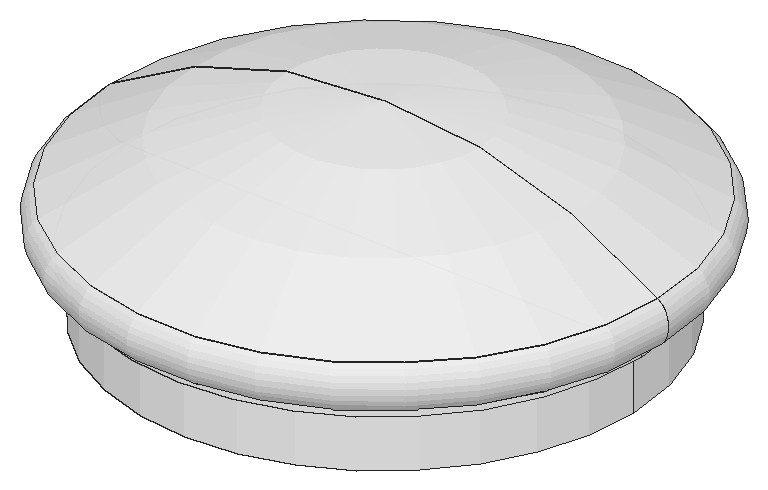
Revit family "3079101 Sylvania_Clio LED_Surface Mounted", category Lighting Fixtures, host Face, Revit 2017
Family settings
  Host = Face
  Round Connector Dimension = Use Diameter
  Part Type = Normal
  OmniClass Number = 23.80.70.11.17
  OmniClass Title = Specialized Lighting by Location or Use
  Cut with Voids When Loaded = No
  Light Source = Yes
  Shared = No
  Room Calculation Point = No
Parameters (values of type "CLIO 320 HO LED 20W WW EB")
  Wattage = 20 W
  built-in parameter 1150110 = 1 (stored number, unit not read)
  Voltage Comments = "UNV (Universal Voltage; 230-240 Volt)"  # constant formula
  Voltage = 230 V  # constant formula
  URL = "http://www.sylvania-lighting.com"
  built-in parameter 1114217 = 1 (stored number, unit not read)
  Tilt Angle = -90.00°
  built-in parameter 1150109 = 1 (stored number, unit not read)
  built-in parameter 1150134 = (empty or 0)
  built-in parameter 1150113 = 1 (stored number, unit not read)
  Radius = 160.00 mm
  Product Page URL = "http://www.sylvania-lighting.com/product/en-int/products/3079101"
  Product Family = "CLIO LED"  # constant formula
  Photometry Comments = ""
  Photometric Web File = "3079101 20W 3000K.ies"
  Life = "40 000h"  # constant formula
  IP Rating = "IP 44"  # constant formula
  IK Rating = "IK 04"  # constant formula
  Height = 108.00 mm
  Electrical Protection = "Class II"  # constant formula
  Drive Current = "300 mA"  # constant formula
  Diameter = Radius * 2  # 320.00 mm
  Difuser Material = Acrylic Glass_Sylvania_Clio LED_White
  Created by URL = ""
  Created by = ""
  built-in parameter 1114216 [instance] = 1 (stored number, unit not read)
  Model = "CLIO 320 HO LED 20W WW EB"
  Manufacturer = "Feilo Sylvania"
  built-in parameter 1150105 = 111.41 (stored number, unit not read)
  Lumens = 1400 lm
  built-in parameter 1150115 = 1 (stored number, unit not read)
  built-in parameter 1150137 = (empty or 0)
  built-in parameter 1150139 = (empty or 0)
  built-in parameter 1150112 = 1 (stored number, unit not read)
  built-in parameter 1150114 = 1 (stored number, unit not read)
  Lamp Comments = "Integrated LED"  # constant formula
  Lamp = "20W"  # constant formula
  built-in parameter 1150132 = 2
  built-in parameter 1150102 = (empty or 0)
  built-in parameter 1150107 = 3000 (stored number, unit not read)
  built-in parameter 1150138 = (empty or 0)
  built-in parameter 1150106 = 1.1141 (stored number, unit not read)
  Body Material = Polycarbonate_Sylvania_Clio LED_White
  built-in parameter 1150104 = 6.5032 (stored number, unit not read)
  Dimming Lamp Color Temperature Shift = <None>
  Description = "Clio LED is a new range of wall and\r\nceiling mounted ambient LED luminaires.\r\nThanks to its IP44 rating, the range can be\r\nused in corridors, circulation spaces and\r\nfoyers or applicable zone 1 bathroom and\r\nwet areas.\r\nClio LED benefits from a simple yet\r\nrobust design. It offers a uniform light\r\ndistribution whilst providing an ambient\r\nhalo lighting effect on the wall surface.\r\nClio LED allows for surface wiring and also\r\nhas loop-in loop-out capability, making it a\r\ncontractor’s first choice."  # constant formula
  Default Elevation = 0.00 mm
  Color Filter = 16777215
  Catalog Number = "3079101 CLIO 320 HO LED 20W WW EB"
  built-in parameter 1140040 [instance] = 1
  built-in parameter 1114218 = 1 (stored number, unit not read)
  built-in parameter 1150133 = 10 (stored number, unit not read)
  Assembly Code = "D5020200"
  Apparent Load Comments = ""
  Apparent Load = 20 VA
Reference planes
  plane 1 "Center (Front/Back)": y = 0
  plane 2: z = 0
  plane 3 "Center (Left/Right)": x = 0
  plane 4 "Fixture Bottom": z = 108
  plane 5 "Fixture Right": x = 160
  plane 6 "Fixture Left": x = -160
  plane 7: z = 30
  plane 8: z = 35
  plane 9: x = 140
  plane 10: x = 145
  plane 11: x = -140
  plane 12: x = -145
  plane 13: x = 154
  plane 14: x = -154
Forms (mm)
  Revolve 1, solid, material "Polycarbonate_Sylvania_Clio LED_White" <- "Body Material", detail levels fine
    sketch origin (0, 0, 0) x (1, 0, 0) y (0, 0, 1)
      loop
        line (0, 0) -> (140, 0) -> (140, 30) -> (145, 30) -> (145, 35) -> (0, 35) -> (0, 0)
      axis (0, 35) -> (0, 0)
    angle from 0 to 360
  Revolve 2, solid, material "Acrylic Glass_Sylvania_Clio LED_White" <- "Difuser Material", detail levels fine
    sketch origin (0, 0, 0) x (1, 0, 0) y (0, 0, 1)
      loop
        line (0, 35) -> (145, 35)
        arc (145, 35) -> (159.252, 45.278) -> (154, 62.045) r 15.02
        arc (154, 62.045) -> (80.556, 96.941) -> (0, 108) r 265.802
        line (0, 108) -> (0, 35)
      axis (0, 108) -> (0, 35)
    angle from 0 to 360
  Revolve 3, solid, material "Polycarbonate_Sylvania_Clio LED_White" <- "Body Material", detail levels coarse+medium
    sketch origin (0, 0, 0) x (1, 0, 0) y (0, 0, 1)
      loop
        line (0, 108) -> (0, 0) -> (140, 0) -> (140, 30) -> (145, 30) -> (145, 35)
        arc (145, 35) -> (159.235, 45.283) -> (154, 62.045) r 15.028
        arc (154, 62.045) -> (80.556, 96.941) -> (0, 108) r 265.802
      axis (0, 108) -> (0, 0)
    angle from 0 to 360
Dimensions and locks
  "Height": plane 4 "Fixture Bottom" to plane 2
  equal spacing: plane 5 "Fixture Right", plane 3 "Center (Left/Right)", plane 6 "Fixture Left"
  "Diameter": plane 5 "Fixture Right" to plane 6 "Fixture Left"
  plane 8 to plane 7 to plane 2 = 5.00 mm locked, 30.00 mm locked
  locked: plane 5 "Fixture Right" to plane 10 at 15
  locked: plane 5 "Fixture Right" to plane 9 at 20
  locked: plane 5 "Fixture Right" to plane 13 at 6
  locked: plane 11 to plane 6 "Fixture Left" at 20
  locked: plane 12 to plane 6 "Fixture Left" at 15
  locked: plane 14 to plane 6 "Fixture Left" at 6
  aligned and locked: host face to plane 2
  aligned and locked: level to host face
  aligned and locked: plane 3 "Center (Left/Right)" to Revolve 1 sketch curve
  aligned and locked: Revolve 1 sketch curve to plane 2
  aligned and locked: plane 8 to Revolve 1 sketch curve
  aligned and locked: Revolve 1 sketch curve to plane 7
  aligned and locked: Revolve 1 sketch curve to plane 9
  aligned and locked: Revolve 1 sketch curve to plane 10
  aligned and locked: Revolve 2 sketch curve to plane 8
  aligned and locked: Revolve 2 sketch curve to plane 3 "Center (Left/Right)"  (x2)
  aligned and locked: plane 10 to Revolve 2 sketch curve
  aligned and locked: plane 2 to Revolve 3 sketch curve
  aligned and locked: plane 9 to Revolve 3 sketch curve
  aligned and locked: Revolve 3 sketch curve to plane 7
  aligned and locked: plane 10 to Revolve 3 sketch curve
  aligned and locked: Revolve 3 sketch curve to plane 3 "Center (Left/Right)"  (x2)
  aligned and locked: imposter light to plane 3 "Center (Left/Right)"
  aligned and locked: plane 4 "Fixture Bottom" to imposter light
  aligned and locked: plane 13 to Revolve 3 sketch curve
  aligned and locked: plane 8 to Revolve 3 sketch curve
  aligned and locked: plane 4 "Fixture Bottom" to Revolve 3 sketch curve
  aligned and locked: plane 13 to Revolve 2 sketch curve
  aligned and locked: plane 4 "Fixture Bottom" to Revolve 2 sketch curve
Automatic sketch dimensions
  host sketch curve to host sketch curve = 1337.794 mm
  host sketch curve to host sketch curve = 1283.632 mm
  Revolve 1 sketch curve to plane 3 "Center (Left/Right)" = 0.00 mm
  Revolve 1 sketch curve to level = 55.00 mm
  Revolve 1 sketch curve to Revolve 1 sketch curve = 25.00 mm
  plane 3 "Center (Left/Right)" to Revolve 3 sketch curve = 4.551 mm
  plane 10 to Revolve 3 sketch curve = 0.025 mm
  Revolve 3 sketch curve to level = 45.00 mm
  plane 8 to Revolve 3 sketch curve = 15.028 mm
  Revolve 3 sketch curve to Revolve 3 sketch curve = 67.00 mm
  plane 3 "Center (Left/Right)" to Revolve 2 sketch curve = 4.551 mm
  level to Revolve 2 sketch curve = 10.00 mm
  Revolve 2 sketch curve to Revolve 2 sketch curve = 12.025 mm
  Revolve 2 sketch curve to Revolve 2 sketch curve = 42.00 mm
Connectors
  electrical at (0, 0, 0), driven by "Voltage", driven by "Apparent Load"
    settings: on Revolve 1, index 1, voltage 230 V, apparent load 0 VA, apparent load phase1 20 VA, apparent load phase2 0 VA, apparent load phase3 0 VA, power factor 1, load classification "Lighting", number of poles 1, system type 31, power factor state 1, is connector primary yes, connector utility no, sub classification motor no, connector description ""
